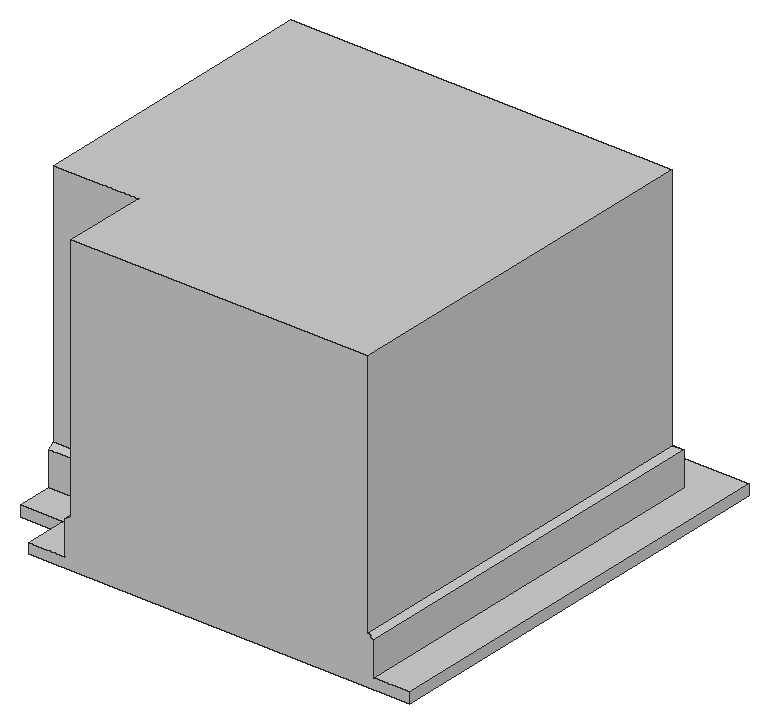
Revit family "LAMP_FIL 70 TECH ACC RECESSED 90º CORNER", category Luminarias, Revit 2015
Parameters (values of type "GREY")
  Weight = 0.24 kg
  Product datasheet = "https://www.lamp.es/product-files/TECH/F7TEREHCG-EN.pdf"
  Product code = "F7TEREHCG"
  Modelo = Product code  # "F7TEREHCG"
  Material [instance] = LAMP_Aluminio Perfil Fil GR
  Manufacturer name = "LAMP"
  Manufacturer country = "Spain"
  Manufacturer URL = "http://www.lamp.es/en"
  Last update = "18/08/2020"
  Installation instructions = ""
  Finish = "Gloss grey"
  Fabricante = Manufacturer name  # "LAMP"
  Descripción = "FIL 70 ACC. REC 90º CORNER GR."
  Accessory Type = "Assembly"
Types (2, lengths in mm): name | Product datasheet | Product code | Modelo | Material | Finish | Descripción
  GREY | "https://www.lamp.es/product-files/TECH/F7TEREHCG-EN.pdf" | "F7TEREHCG" | "F7TEREHCG" | LAMP_Aluminio Perfil Fil GR | "Gloss grey" | "FIL 70 ACC. REC 90º CORNER GR."
  WHITE | "https://www.lamp.es/product-files/TECH/F7TEREHCW-EN.pdf" | "F7TEREHCW" | "F7TEREHCW" | LAMP_Aluminio Perfil Fil BL | "Matt white" | "FIL 70 ACC. REC 90º CORNER WH."
Reference planes
  plane 1 "Eje de origen de luz (F/P)": y = 0
  plane 2: z = 0
  plane 3 "Eje de origen de luz (I/D)": x = 0
  plane 4 "Techo": z = 4000
  plane 5 "Elevación de origen de luz": z = 3700
  plane 6: x = 100
  plane 7: y = -100
Forms (mm)
  Sweep 1, solid, material "LAMP_Aluminio Perfil Fil GR" <- "Material"
    path origin (-10, 0, 4000) x (0, 1, 0) y (-1, 0, 0)
      loop
        line (-8, -10) -> (-8, -102) -> (-100, -102)
    profile origin (46, -8, 4000) x (0, 1, 0) y (0, 0, 1)
      loop
        line (-72, 67.5) -> (-72, 8.936) -> (-73.5, 8) -> (-73.5, 0) -> (-82, 0) -> (-82, -2.5) -> (8, -2.5) -> (8, 0) -> (-0.5, 0) -> (-0.5, 8) -> (-2, 8.936) -> (-2, 67.5) -> (-72, 67.5)
Text (mm)
  text "Any modification of the parameters and properties of the LAMP BIM models must be executed and validated by the LAMP technical department.\n\nPhone: +34 93 736 68 00\n\nE-mail: lamp@lamp.es\n\n\n\nLAMP reserves the right to modify the technical specifications of its products." at (8514.345, -12717.946, 11660.556), in view "Preview"
Dimensions and locks
  equal spacing: host sketch curve, plane 3 "Eje de origen de luz (I/D)", host sketch curve
  equal spacing: host sketch curve, plane 1 "Eje de origen de luz (F/P)", host sketch curve
  host sketch curve to host sketch curve = 4000 mm  (x2)
  locked: plane 4 "Techo" to host ceiling at 0
  plane 3 "Eje de origen de luz (I/D)" to plane 6 = 100 mm  (x2)
  plane 7 to plane 1 "Eje de origen de luz (F/P)" = 100 mm  (x2)
  plane 5 "Elevación de origen de luz" to plane 4 "Techo" = 300 mm
  aligned and locked: plane 3 "Eje de origen de luz (I/D)" to Sweep 1
  aligned and locked: plane 7 to Sweep 1
  aligned and locked: plane 6 to Sweep 1
